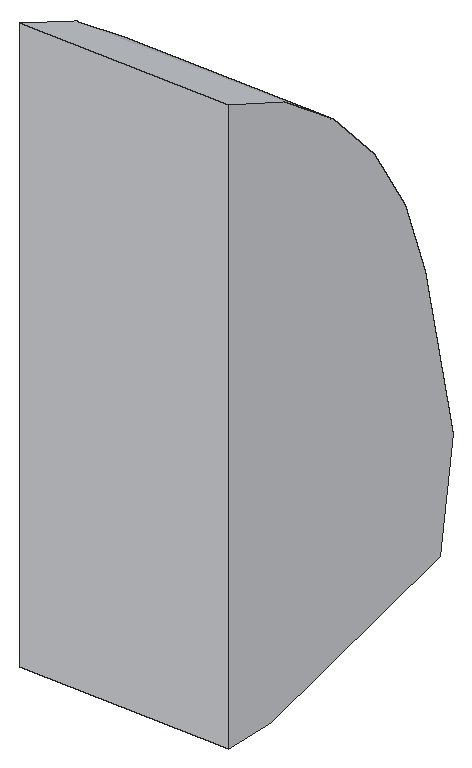
Revit family "DAN DRYER Stainless Design Mini Design 295", category Furniture Systems, host Wall, Revit 2017
Family settings
  Host = Wall
  Round Connector Dimension = Use Diameter
  Part Type = Normal
  Always vertical = Yes
  Cut with Voids When Loaded = No
  Shared = No
  Room Calculation Point = No
Parameters (values of type "Stål")
  Wicth = 120 mm
  URL = "http://www.dandryer.com/Files/Billeder/PDF/Datablade/Nye/Technical%20data%20sheet_%20art.%20no.%20%20295.pdf"
  Type Image = <None>
  Offset from Floor = 1500 mm
  Model = "Stainless design"
  Manufacturer = "http://www.dandryer.com/"
  Height = 339 mm
  Description = "STAINLESS DESIGN touch-free soap dispenser, for foam soap, Art. no. 295"
  Cost = 0
Reference planes
  plane 1 "Wall": y = 0
  plane 2 "Center (Left/Right)": x = 125
  plane 3 "Back": y = 75
  plane 4 "Top": z = 1500
  plane 5 "Bund": z = 1161
  plane 6: x = 185
  plane 7: x = 65
Forms (mm)
  Extrusion 1, solid
    sketch origin (125, 0, 0) x (0, 1, 0) y (0, 0, 1)
      loop
        line (75, 1161) -> (105, 1161) -> (225.741, 1193.352) -> (235.127, 1252.614)
        arc (235.127, 1252.614) -> (227.544, 1299.386) -> (215.127, 1345.114) r 454
        arc (215.127, 1345.114) -> (164.741, 1437.327) -> (75, 1491.993) r 203
        line (75, 1491.993) -> (75, 1161)
    from -60 to 60
  Extrusion 2, void
    sketch origin (125, 105, 1161) x (0, -0.965926, -0.258819) y (1, 0, 0)
      loop
        line (-16.91, 45.054) -> (-16.91, 25.054) -> (-11.91, 25.054) -> (-11.91, 45.054) -> (-16.91, 45.054)
      loop
        line (-16.91, 18.929) -> (-16.91, 12.147) -> (-11.91, 12.147) -> (-11.91, 18.929) -> (-16.91, 18.929)
    from 0 to 5
Cuts and joins
  Extrusion 2 cuts Extrusion 1
Text (mm)
  text "Placement Side" at (-1848.837, 1116.779, 0), in view "Ref. Level"
  text "Placement side" at (0, 1409.804, 2854.306), in view "Left"
  text "Placement side" at (0, 499.811, 2980.732), in view "Right"
Dimensions and locks
  locked: plane 3 "Back" to host wall
  "Height": plane 5 "Bund" to plane 4 "Top"
  equal spacing: plane 7, plane 2 "Center (Left/Right)", plane 6
  "Wicth": plane 7 to plane 6
  "Offset from Floor": level to plane 4 "Top"
  aligned and locked: plane 1 "Wall" to host wall
  aligned and locked: Extrusion 1 sketch curve to host wall
  aligned and locked: plane 7 to Extrusion 1
  aligned and locked: Extrusion 1 to plane 6
Automatic sketch dimensions
  Extrusion 1 sketch curve to plane 5 "Bund" = 0 mm
  Extrusion 1 sketch curve to host wall = 17.862 mm
  plane 5 "Bund" to Extrusion 1 sketch curve = 42.441 mm
  host wall to Extrusion 1 sketch curve = 141.202 mm
  Extrusion 1 sketch curve to Extrusion 1 sketch curve = 30 mm
  plane 5 "Bund" to Extrusion 1 sketch curve = 32.352 mm
  Extrusion 1 sketch curve to Extrusion 1 sketch curve = 120.741 mm
  Extrusion 1 sketch curve to Extrusion 1 sketch curve = 9.386 mm
  Extrusion 1 sketch curve to Extrusion 1 sketch curve = 59.261 mm
  plane 5 "Bund" to Extrusion 1 sketch curve = 136.2 mm
  Extrusion 1 sketch curve to Extrusion 1 sketch curve = 20 mm
  Extrusion 1 to Extrusion 2 sketch curve = 16.91 mm
  Extrusion 2 sketch curve to Extrusion 2 sketch curve = 0 mm
  Extrusion 2 sketch curve to Extrusion 2 sketch curve = 5 mm  (x2)
  Extrusion 2 sketch curve to Extrusion 1 = 47.853 mm
  Extrusion 2 sketch curve to Extrusion 2 sketch curve = 6.783 mm
  Extrusion 2 sketch curve to Extrusion 2 sketch curve = 6.125 mm
  Extrusion 2 sketch curve to Extrusion 1 = 14.946 mm
